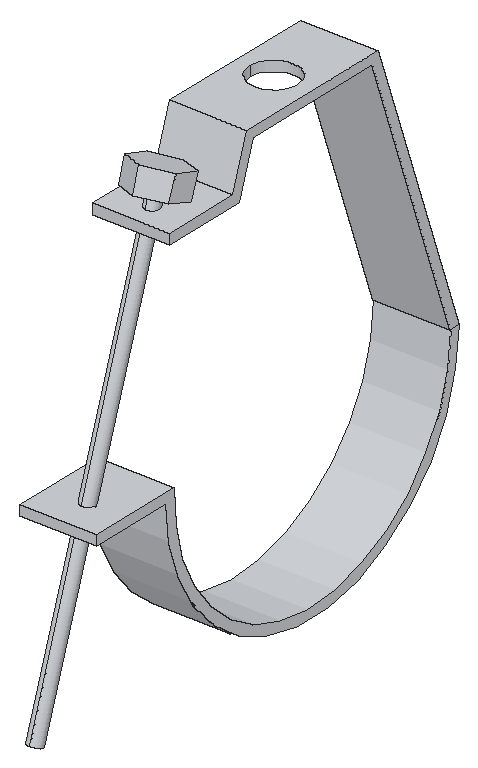
Revit family "7025 J Hanger", category Pipe Accessories, Revit 2018
Family settings
  Round Connector Dimension = Use Diameter
  Part Type = Valve - Breaks Into
  Work Plane-Based = No
  Always vertical = Yes
  Cut with Voids When Loaded = No
  Shared = No
Parameters (values of type "7025 J Hanger")
  zero [instance] = 0.000"  # constant formula
  pipe radius [instance] = Pipe Diameter / 2  # 2.250"
  fillet1 [instance] = 0.110"  # constant formula
  bolt size [instance] = size_lookup(LookupTable, "bolt size", 1.000", Nominal Diameter)  # 0.1875"
  bolt center [instance] = 8.000"
  a [instance] = R1 - (Y2 / 2)  # 1.3175"
  Y4 [instance] = size_lookup(LookupTable, "Y4", 1.000", Nominal Diameter)  # 1.9425"
  Y3 [instance] = size_lookup(LookupTable, "Y3", 1.000", Nominal Diameter)  # 2.3175"
  Y2 [instance] = size_lookup(LookupTable, "Y2", 1.000", Nominal Diameter)  # 2.125"
  Y1 [instance] = size_lookup(LookupTable, "Y1", 1.000", Nominal Diameter)  # 3.505"
  Weight [instance] = size_lookup(LookupTable, "Weight", "NA", Nominal Diameter)  # "0.73 lbs."
  W1 [instance] = size_lookup(LookupTable, "W1", 1.000", Nominal Diameter)  # 1.000"
  URL = "http://www.fnw.com"
  Standards Lookup Table = "Standards"  # constant formula
  R1 [instance] = pipe radius + MT  # 2.380"
  Product ID [instance] = size_lookup(LookupTable, "ProductID", "NA", Nominal Diameter)  # "3859921"
  Pipe Diameter [instance] = size_lookup(Standards Lookup Table, "pipe_dia", 0.000", Nominal Diameter)  # 4.500"
  Part Number [instance] = size_lookup(LookupTable, "PartNumber", "NA", Nominal Diameter)  # "FNW7025EP0400"
  Nominal Diameter [instance] = 4"
  MT [instance] = size_lookup(LookupTable, "MT1", 1.000", Nominal Diameter)  # 0.130"
  LookupTable = "7025 J Hanger"  # constant formula
  Hole Size [instance] = size_lookup(LookupTable, "Hole Size", 1.000", Nominal Diameter)  # 0.3125"
  HX1 [instance] = size_lookup(LookupTable, "HX1", 1.000", Nominal Diameter)  # 0.28125"
  HH [instance] = size_lookup(LookupTable, "HH", 1.000", Nominal Diameter)  # 0.32812"
  H2 [instance] = size_lookup(LookupTable, "H2", 1.000", Nominal Diameter)  # 3.000"
  H1 [instance] = size_lookup(LookupTable, "H1", 1.000", Nominal Diameter)  # 3.78125"
  Description BOM [instance] = size_lookup(LookupTable, "Description_BOM", "NA", Nominal Diameter)  # "4 7025 J Hanger"
  CR [instance] = 0.170"  # constant formula
  BL [instance] = size_lookup(LookupTable, "BL", 1.000", Nominal Diameter)  # 5.92188"
  Angle [instance] = atan(a / H1)  # 19.2099°
Reference planes (in)
  plane 1 "Center (Front/Back)": y = 0
  plane 2: z = 0
  plane 3 "Center (Left/Right)": x = 0
  plane 4: z = 3.65125
  plane 5: z = 3.78125
  plane 6: y = -1.0625
  plane 7: y = 1.0625
  plane 8: z = 3
  plane 9: y = -3.505
  plane 10: y = -2.3175
  plane 11: y = 2.25
  plane 12: y = 2.38
  plane 13: z = -2.25
  plane 14: z = -2.38
  plane 15: y = -2.38
  plane 16: y = -2.25
  plane 17: z = 0.13
  plane 18: x = -0.5
  plane 19: x = 0.5
  plane 20 "br": z = 3.13
  plane 21 "hh": z = 3.26
Forms (in)
  Extrusion 1, solid
    sketch origin (0, 0, 0) x (0, 1, 0) y (0, 0, 1)
      loop
        line (-2.24624, 0.13) -> (-3.505, 0.13) -> (-3.505, 0) -> (-2.38, 0)
        arc (-2.38, 0) -> (0, -2.38) -> (2.38, 0) r 2.38
        line (2.38, 0) -> (2.25, 0)
        arc (2.25, 0) -> (-0.06503, -2.24906) -> (-2.24624, 0.13) r 2.25
    from -0.5 to 0.5
  Extrusion 2, solid
    sketch origin (0, 0, 0) x (0, 1, 0) y (0, 0, 1)
      loop
        line (1.0625, 3.78125) -> (-1.0625, 3.78125) -> (-1.28941, 3.13) -> (-2.3175, 3.13) -> (-2.3175, 3) -> (-1.19705, 3) -> (-0.97013, 3.65125) -> (0.97013, 3.65125) -> (2.24233, 0) -> (2.38, 0) -> (1.0625, 3.78125)
    from -0.5 to 0.5
  Extrusion 3, void
    sketch origin (0, 0, 0) x (1, 0, 0) y (0, 1, 0)
      loop
        circle (0, 0) r 0.3125
    from 0 to 12
Cuts and joins
  Extrusion 3 cuts Extrusion 2
Dimensions and locks (in)
  "MT": plane 4 to plane 5
  "H1": plane 2 to plane 5
  equal spacing: plane 6, plane 1 "Center (Front/Back)", plane 7
  "Y2": plane 6 to plane 7
  "H2": plane 2 to plane 8
  "Y3": plane 10 to plane 1 "Center (Front/Back)"
  "Y1": plane 9 to plane 1 "Center (Front/Back)"
  plane 2 to plane 5 = 3.78125"
  "pipe radius": plane 1 "Center (Front/Back)" to plane 11
  "MT": plane 11 to plane 12
  "pipe radius": plane 2 to plane 13
  "MT": plane 13 to plane 14
  "pipe radius": plane 16 to plane 1 "Center (Front/Back)"
  "MT": plane 15 to plane 16
  "MT": plane 2 to plane 17
  equal spacing: plane 18, plane 3 "Center (Left/Right)", plane 19
  "W1": plane 18 to plane 19
  "MT": Extrusion 2 sketch curve to Extrusion 2 sketch curve  (x2)
  "MT": plane 8 to Extrusion 2 sketch curve
  "MT": plane 8 to plane 20 "br"
  "MT": plane 21 "hh" to plane 20 "br"
  "Y4": nested 1 to plane 1 "Center (Front/Back)"
  "pipe radius": radius of Extrusion 1 sketch curve
  "R1": radius of Extrusion 1 sketch curve
  "Hole Size": radius of Extrusion 3 sketch curve
  "Angle": angle plane 7 to Extrusion 2 sketch curve
  "Angle": angle plane 1 "Center (Front/Back)" to Extrusion 2 sketch curve
  "Angle": angle Extrusion 2 sketch curve to plane 1 "Center (Front/Back)"  (x2)
  aligned and locked: plane 2 to level
  aligned and locked: Extrusion 1 sketch curve to plane 2
  aligned and locked: plane 2 to Extrusion 1 sketch curve
  aligned and locked: Extrusion 1 sketch curve to plane 17
  aligned and locked: plane 9 to Extrusion 1 sketch curve
  aligned and locked: Extrusion 1 to plane 18
  aligned and locked: Extrusion 1 to plane 19
  aligned and locked: plane 5 to Extrusion 2 sketch curve  (x2)
  aligned and locked: Extrusion 2 sketch curve to plane 7
  aligned and locked: Extrusion 2 sketch curve to plane 6
  aligned and locked: Extrusion 2 sketch curve to plane 10
  aligned and locked: plane 8 to Extrusion 2 sketch curve
  aligned and locked: Extrusion 2 sketch curve to Extrusion 1
  aligned and locked: Extrusion 2 to plane 19
  aligned and locked: Extrusion 2 to plane 18
Automatic sketch dimensions
  Extrusion 1 sketch curve to Extrusion 1 sketch curve = 0.000"
  Extrusion 1 sketch curve to plane 15 = 0.000"
  plane 17 to Extrusion 1 sketch curve = 0.000"
  plane 4 to Extrusion 2 sketch curve = 0.000"
  plane 1 "Center (Front/Back)" to Extrusion 3 sketch curve = 0.000"
  Extrusion 3 sketch curve to plane 3 "Center (Left/Right)" = 0.000"
Nested families (in)
  nested 1: "Nest HHBolt" at (0, -1.9425, 3.26) x (0, 1, 0) z (0, 0, 1), Angle <- "Angle", BL <- "BL", HH <- "HH", HX1 <- "HX1", bolt size <- "bolt size", type "Nest HHBolt"
    with bolt size r 0.09375", bolt size 0.1875", HX1 0.28125", HH 0.32812", BL 5.92188", Angle 19.2099°
Definition of nested family "Nest HHBolt"
  Parameters (values of type "Nest HHBolt")
    bolt size r [instance] = bolt size / 2  # 0.125"
    bolt size [instance] = 0.250"
    HX1 [instance] = 0.250"
    HH [instance] = 0.22171"
    Default Elevation = 48.000"
    BL [instance] = 3.47403"
    Angle [instance] = 25.00°
    120 = 120.00°
  Reference planes (in)
    plane 1 "Center (Front/Back)": y = 0
    plane 2: z = 0
    plane 3 "Center (Left/Right)": x = 0
  Forms (in)
    Sweep 1, solid
      path in 3D
        loop
          line (0, 0, 0) -> (-1.46819, 0, -3.14854)
      profile origin (-0.73409, 0, -1.57427) x (0.906308, 0, -0.422618) y (0, -1, 0)
        loop
          circle (0, 0) r 0.125
    Sweep 2, solid
      path in 3D
        loop
          line (0, 0, 0) -> (0.0937, 0, 0.20093)
      profile origin (0.04685, 0, 0.10047) x (-0.906308, 0, 0.422618) y (0, -1, 0)
        loop
          line (-0.128, 0.22171) -> (-0.25601, 0) -> (-0.128, -0.22171) -> (0.128, -0.22171) -> (0.25601, 0) -> (0.128, 0.22171) -> (-0.128, 0.22171)
  Lines and regions (in)
    model lines
      curve 1: line (0, 0, 0) -> (-1.46819, 0, -3.14854)
      curve 3: line (0, 0, 0) -> (0.0937, 0, 0.20093)
    reference lines
      curve 2: line (0, 0, 0) -> (0, 0, -4.91496)
    sketch lines
      curve 4: line (0, 0, 0) -> (-1.46819, 0, -3.14854)
      curve 5: line (0, 0, 0) -> (0.0937, 0, 0.20093)
  Dimensions and locks (in)
    "BL": curve 1 to curve 1
    "HH": curve 3 to curve 3
    "HH": curve 1 to Sweep 2 sketch curve  (x4)
    "HH": profile plane to Sweep 2 sketch curve  (x2)
    "bolt size r": radius of Sweep 1 sketch curve
    "Angle": angle curve 1 to plane 3 "Center (Left/Right)"
    "Angle": angle curve 3 to plane 3 "Center (Left/Right)"
    "120": angle Sweep 2 sketch curve to Sweep 2 sketch curve  (x5)
    aligned and locked: plane 2 to level
    aligned and locked: plane 3 "Center (Left/Right)" to curve 1
    aligned and locked: curve 2 to plane 3 "Center (Left/Right)"
    aligned and locked: plane 2 to curve 3
  Automatic sketch dimensions
    curve 2 to level = 0.000"
    curve 2 to level = 4.91496"
    Sweep 1 sketch curve to profile plane = 0.000"  (x2)
